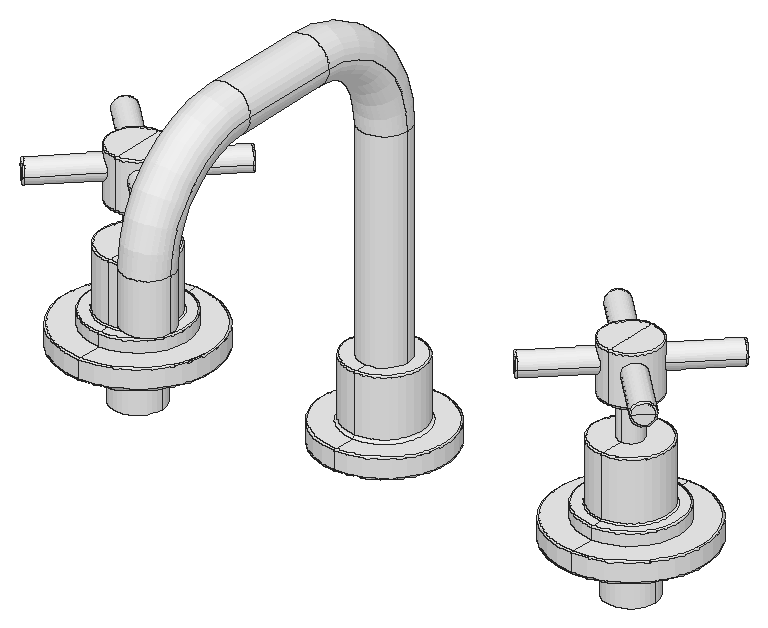
Revit family "Tap-Basin Set-Caroma Metro", category Plumbing Fixtures, host Face, Revit 2014
Parameters (values of type "Standard")
  Width_ANZRS = 159 mm  # constant formula
  Waste Connection = no
  WELSRating_ANZRS = "WELS 5 Star rated, 6L/min"  # constant formula
  Vent Connection = no
  URL = "http://specify.caroma.com.au/products/taps/metro/metro-basin-set"
  Type Comments = "Caroma Metro Basin Set"  # constant formula
  ModifiedIssue_ANZRS = 20141212.01  # constant formula
  Model = "97400C5A"  # constant formula
  Material_ANZRS = Metal-Chrome-Caroma
  Manufacturer = "GWA Bathrooms & Kitchens"  # constant formula
  Length_ANZRS = 260 mm  # constant formula
  Height_ANZRS = 166 mm  # constant formula
  HWFU = 1.58  # constant formula
  HW Connection = yes
  Description = "Designed to save precious water, the Metro range will add contemporary style to your bathroom, kitchen or laundry."  # constant formula
  Default Elevation = 0 mm
  CreatedBy_ANZRS = "Design Content"  # constant formula
  CreatedByURL_ANZRS = "http://www.designcontent.com.au"
  Cost = 0
  Connector Radius = 10 mm
  CWFU = 1.58  # constant formula
  CW Connection = yes
  Assembly Code = "C1030210"
Reference planes
  plane 1 "Center (Front/Back)": y = 0
  plane 2: z = 0
  plane 3 "Center (Left/Right)": x = 0
  plane 4 "Hot": x = -100
  plane 5 "Cold": x = 100
Forms (mm)
  Extrusion 1, solid, material "Metal-Chrome-Caroma" <- "Material_ANZRS"
    sketch origin (-50, 0, 0) x (1, 0, 0) y (0, 1, 0)
      loop
        circle (-50, 0) r 10
    from -20 to 0
  Extrusion 2, solid, material "Metal-Chrome-Caroma" <- "Material_ANZRS"
    sketch origin (50, 0, 0) x (-1, 0, 0) y (0, -1, 0)
      loop
        circle (-50, 0) r 10
    from -20 to 0
  Sweep 3, solid, material "Metal-Chrome-Caroma" <- "Material_ANZRS"
    path origin (0, 0, 0) x (0, 1, 0) y (0, 0, 1)
      loop
        line (0, 0) -> (0, 116)
        arc (0, 116) -> (-11.716, 144.284) -> (-40, 156) r 40
        line (-40, 156) -> (-79.886, 156)
        arc (-79.886, 156) -> (-108.17, 144.284) -> (-119.886, 116) r 40
        line (-119.886, 116) -> (-119.886, 95.405)
    profile origin (0, 0, 58) x (0, -1, 0) y (1, 0, 0)
      loop
        circle (0, 0) r 9.5
  Revolve 4, solid, material "Metal-Chrome-Caroma" <- "Material_ANZRS"
    sketch origin (0, 0, 0) x (0, 1, 0) y (0, 0, 1)
      loop
        line (0, 0) -> (24.495, 0)
        arc (24.495, 0) -> (24.848, 0.146) -> (24.995, 0.5) r 0.5
        line (24.995, 0.5) -> (24.995, 7.5)
        arc (24.995, 7.5) -> (24.848, 7.854) -> (24.495, 8) r 0.5
        line (24.495, 8) -> (16.009, 8)
        arc (16.009, 8) -> (15.302, 8.293) -> (15.009, 9) r 1
        line (15.009, 9) -> (15.009, 31.5)
        arc (15.009, 31.5) -> (14.863, 31.854) -> (14.509, 32) r 0.5
        line (14.509, 32) -> (0, 32) -> (0, 0)
      axis (0, 32) -> (0, 0)
    angle from 0 to 360
  Revolve 5, solid, material "Metal-Chrome-Caroma" <- "Material_ANZRS"
    sketch origin (100, 30, 1219.2) x (0, 1, 0) y (0, 0, 1)
      loop
        line (-30, -1219.2) -> (-0.762, -1219.2)
        arc (-0.762, -1219.2) -> (-0.409, -1219.054) -> (-0.262, -1218.7) r 0.5
        line (-0.262, -1218.7) -> (-0.262, -1211.7)
        arc (-0.262, -1211.7) -> (-0.409, -1211.346) -> (-0.762, -1211.2) r 0.5
        line (-0.762, -1211.2) -> (-10.279, -1211.2) -> (-10.279, -1206.7)
        arc (-10.279, -1206.7) -> (-10.426, -1206.346) -> (-10.779, -1206.2) r 0.5
        line (-10.779, -1206.2) -> (-14.769, -1206.2)
        arc (-14.769, -1206.2) -> (-15.123, -1206.054) -> (-15.269, -1205.7) r 0.5
        line (-15.269, -1205.7) -> (-15.269, -1182.7)
        arc (-15.269, -1182.7) -> (-15.416, -1182.346) -> (-15.769, -1182.2) r 0.5
        line (-15.769, -1182.2) -> (-25.277, -1182.2) -> (-25.277, -1166.21) -> (-19.252, -1166.21)
        arc (-19.252, -1166.21) -> (-18.898, -1166.064) -> (-18.752, -1165.71) r 0.5
        line (-18.752, -1165.71) -> (-18.752, -1146.71)
        arc (-18.752, -1146.71) -> (-18.898, -1146.357) -> (-19.252, -1146.21) r 0.5
        line (-19.252, -1146.21) -> (-30, -1146.21) -> (-30, -1219.2)
      axis (-30, -1146.21) -> (-30, -1219.2)
    angle from 0 to 360
  Revolve 6, solid, material "Metal-Chrome-Caroma" <- "Material_ANZRS"
    sketch origin (-100, -22.904, 1219.2) x (0, 1, 0) y (0, 0, 1)
      loop
        line (22.904, -1219.2) -> (52.141, -1219.2)
        arc (52.141, -1219.2) -> (52.495, -1219.054) -> (52.641, -1218.7) r 0.5
        line (52.641, -1218.7) -> (52.641, -1211.7)
        arc (52.641, -1211.7) -> (52.495, -1211.346) -> (52.141, -1211.2) r 0.5
        line (52.141, -1211.2) -> (42.624, -1211.2) -> (42.624, -1206.7)
        arc (42.624, -1206.7) -> (42.478, -1206.346) -> (42.124, -1206.2) r 0.5
        line (42.124, -1206.2) -> (38.134, -1206.2)
        arc (38.134, -1206.2) -> (37.781, -1206.054) -> (37.634, -1205.7) r 0.5
        line (37.634, -1205.7) -> (37.634, -1182.7)
        arc (37.634, -1182.7) -> (37.488, -1182.346) -> (37.134, -1182.2) r 0.5
        line (37.134, -1182.2) -> (27.626, -1182.2) -> (27.626, -1166.21) -> (33.652, -1166.21)
        arc (33.652, -1166.21) -> (34.006, -1166.064) -> (34.152, -1165.71) r 0.5
        line (34.152, -1165.71) -> (34.152, -1146.71)
        arc (34.152, -1146.71) -> (34.006, -1146.357) -> (33.652, -1146.21) r 0.5
        line (33.652, -1146.21) -> (22.904, -1146.21) -> (22.904, -1219.2)
      axis (22.904, -1146.21) -> (22.904, -1219.2)
    angle from 0 to 360
  Revolve 7, solid, material "Metal-Chrome-Caroma" <- "Material_ANZRS"
    sketch origin (0, 0, 65.49) x (1, 0, 0) y (0, 1, 0)
      loop
        line (-128.973, -23.353) -> (-126.163, -26.163) -> (-73.837, 26.163) -> (-76.647, 28.973)
        arc (-76.647, 28.973) -> (-77.001, 29.12) -> (-77.354, 28.973) r 0.5
        line (-77.354, 28.973) -> (-128.973, -22.646)
        arc (-128.973, -22.646) -> (-129.12, -22.999) -> (-128.973, -23.353) r 0.5
      axis (-126.163, -26.163) -> (-73.837, 26.163)
    angle from 0 to 360
  Revolve 8, solid, material "Metal-Chrome-Caroma" <- "Material_ANZRS"
    sketch origin (-100, -100, 65.49) x (0, -1, 0) y (1, 0, 0)
      loop
        line (-128.973, -23.353) -> (-126.163, -26.163) -> (-73.837, 26.163) -> (-76.647, 28.973)
        arc (-76.647, 28.973) -> (-77.001, 29.12) -> (-77.354, 28.973) r 0.5
        line (-77.354, 28.973) -> (-128.973, -22.646)
        arc (-128.973, -22.646) -> (-129.12, -22.999) -> (-128.973, -23.353) r 0.5
      axis (-126.163, -26.163) -> (-73.837, 26.163)
    angle from 0 to 360
  Revolve 9, solid, material "Metal-Chrome-Caroma" <- "Material_ANZRS"
    sketch origin (0, 0, 65.49) x (-1, 0, 0) y (0, -1, 0)
      loop
        arc (-128.973, 23.353) -> (-129.12, 22.999) -> (-128.973, 22.646) r 0.5
        line (-128.973, 22.646) -> (-77.354, -28.973)
        arc (-77.354, -28.973) -> (-77.001, -29.12) -> (-76.647, -28.973) r 0.5
        line (-76.647, -28.973) -> (-73.837, -26.163) -> (-126.163, 26.163) -> (-128.973, 23.353)
      axis (-126.163, 26.163) -> (-73.837, -26.163)
    angle from 0 to 360
  Revolve 10, solid, material "Metal-Chrome-Caroma" <- "Material_ANZRS"
    sketch origin (100, -100, 65.49) x (0, -1, 0) y (1, 0, 0)
      loop
        arc (-128.973, 23.353) -> (-129.12, 22.999) -> (-128.973, 22.646) r 0.5
        line (-128.973, 22.646) -> (-77.354, -28.973)
        arc (-77.354, -28.973) -> (-77.001, -29.12) -> (-76.647, -28.973) r 0.5
        line (-76.647, -28.973) -> (-73.837, -26.163) -> (-126.163, 26.163) -> (-128.973, 23.353)
      axis (-126.163, 26.163) -> (-73.837, -26.163)
    angle from 0 to 360
Cuts and joins
  joined: Sweep 3, Revolve 4
  joined: Revolve 6, Revolve 7, Revolve 8
  joined: Revolve 5, Revolve 9, Revolve 10
Lines and regions (mm)
  Masking region 1
    outline origin (0, 0, 0) x (1, 0, 0) y (0, 0, 1)
      loop
        line (9.5, 32) -> (9.5, 155.99)
        arc (9.5, 155.99) -> (0, 165.49) -> (-9.5, 155.99) r 9.5
        line (-9.5, 155.99) -> (-9.5, 32) -> (-14.509, 32)
        arc (-14.509, 32) -> (-14.863, 31.854) -> (-15.009, 31.5) r 0.5
        line (-15.009, 31.5) -> (-15.009, 9)
        arc (-15.009, 9) -> (-15.302, 8.293) -> (-16.009, 8) r 1
        line (-16.009, 8) -> (-24.495, 8)
        arc (-24.495, 8) -> (-24.848, 7.854) -> (-24.995, 7.5) r 0.5
        line (-24.995, 7.5) -> (-24.995, 0.5)
        arc (-24.995, 0.5) -> (-24.848, 0.146) -> (-24.495, 0) r 0.5
        line (-24.495, 0) -> (0, 0) -> (24.495, 0)
        arc (24.495, 0) -> (24.848, 0.146) -> (24.995, 0.5) r 0.5
        line (24.995, 0.5) -> (24.995, 7.5)
        arc (24.995, 7.5) -> (24.848, 7.854) -> (24.495, 8) r 0.5
        line (24.495, 8) -> (16.009, 8)
        arc (16.009, 8) -> (15.302, 8.293) -> (15.009, 9) r 1
        line (15.009, 9) -> (15.009, 31.5)
        arc (15.009, 31.5) -> (14.863, 31.854) -> (14.509, 32) r 0.5
        line (14.509, 32) -> (9.5, 32)
      loop
        line (-100, 0) -> (-70.762, 0)
        arc (-70.762, 0) -> (-70.409, 0.146) -> (-70.262, 0.5) r 0.5
        line (-70.262, 0.5) -> (-70.262, 7.5)
        arc (-70.262, 7.5) -> (-70.409, 7.854) -> (-70.762, 8) r 0.5
        line (-70.762, 8) -> (-80.279, 8) -> (-80.279, 12.5)
        arc (-80.279, 12.5) -> (-80.426, 12.854) -> (-80.779, 13) r 0.5
        line (-80.779, 13) -> (-84.769, 13)
        arc (-84.769, 13) -> (-85.123, 13.146) -> (-85.269, 13.5) r 0.5
        line (-85.269, 13.5) -> (-85.269, 36.5)
        arc (-85.269, 36.5) -> (-85.416, 36.854) -> (-85.769, 37) r 0.5
        line (-85.769, 37) -> (-95.277, 37) -> (-95.277, 52.99) -> (-89.252, 52.99)
        arc (-89.252, 52.99) -> (-88.898, 53.136) -> (-88.752, 53.49) r 0.5
        line (-88.752, 53.49) -> (-88.752, 61.016) -> (-74.192, 61.016)
        spline (-74.192, 61.016) -> (-73.331, 61.168) -> (-72.529, 61.615) -> (-71.841, 62.326) -> (-71.312, 63.253) -> (-70.98, 64.333) -> (-70.867, 65.491) -> (-70.98, 66.649) -> (-71.312, 67.728) -> (-71.841, 68.655) -> (-72.529, 69.367) -> (-73.331, 69.814) -> (-74.192, 69.966)
        line (-74.192, 69.966) -> (-88.752, 69.966) -> (-88.752, 72.49)
        arc (-88.752, 72.49) -> (-88.898, 72.843) -> (-89.252, 72.99) r 0.5
        line (-89.252, 72.99) -> (-100, 72.99) -> (-110.748, 72.99)
        arc (-110.748, 72.99) -> (-111.102, 72.843) -> (-111.248, 72.49) r 0.5
        line (-111.248, 72.49) -> (-111.248, 69.966) -> (-125.808, 69.966)
        spline (-125.808, 69.966) -> (-126.669, 69.814) -> (-127.471, 69.367) -> (-128.159, 68.655) -> (-128.688, 67.728) -> (-129.02, 66.649) -> (-129.133, 65.491) -> (-129.02, 64.333) -> (-128.688, 63.253) -> (-128.159, 62.326) -> (-127.471, 61.615) -> (-126.669, 61.168) -> (-125.808, 61.016)
        line (-125.808, 61.016) -> (-111.248, 61.016) -> (-111.248, 53.49)
        arc (-111.248, 53.49) -> (-111.102, 53.136) -> (-110.748, 52.99) r 0.5
        line (-110.748, 52.99) -> (-104.723, 52.99) -> (-104.723, 37) -> (-114.231, 37)
        arc (-114.231, 37) -> (-114.584, 36.854) -> (-114.731, 36.5) r 0.5
        line (-114.731, 36.5) -> (-114.731, 13.5)
        arc (-114.731, 13.5) -> (-114.877, 13.146) -> (-115.231, 13) r 0.5
        line (-115.231, 13) -> (-119.221, 13)
        arc (-119.221, 13) -> (-119.574, 12.854) -> (-119.721, 12.5) r 0.5
        line (-119.721, 12.5) -> (-119.721, 8) -> (-129.238, 8)
        arc (-129.238, 8) -> (-129.591, 7.854) -> (-129.738, 7.5) r 0.5
        line (-129.738, 7.5) -> (-129.738, 0.5)
        arc (-129.738, 0.5) -> (-129.591, 0.146) -> (-129.238, 0) r 0.5
        line (-129.238, 0) -> (-100, 0)
      loop
        line (100, 0) -> (129.238, 0)
        arc (129.238, 0) -> (129.591, 0.146) -> (129.738, 0.5) r 0.5
        line (129.738, 0.5) -> (129.738, 7.5)
        arc (129.738, 7.5) -> (129.591, 7.854) -> (129.238, 8) r 0.5
        line (129.238, 8) -> (119.721, 8) -> (119.721, 12.5)
        arc (119.721, 12.5) -> (119.574, 12.854) -> (119.221, 13) r 0.5
        line (119.221, 13) -> (115.231, 13)
        arc (115.231, 13) -> (114.877, 13.146) -> (114.731, 13.5) r 0.5
        line (114.731, 13.5) -> (114.731, 36.5)
        arc (114.731, 36.5) -> (114.584, 36.854) -> (114.231, 37) r 0.5
        line (114.231, 37) -> (104.723, 37) -> (104.723, 52.99) -> (110.748, 52.99)
        arc (110.748, 52.99) -> (111.102, 53.136) -> (111.248, 53.49) r 0.5
        line (111.248, 53.49) -> (111.248, 61.016) -> (125.808, 61.016)
        spline (125.808, 61.016) -> (126.669, 61.168) -> (127.471, 61.615) -> (128.159, 62.326) -> (128.688, 63.253) -> (129.02, 64.333) -> (129.133, 65.491) -> (129.02, 66.649) -> (128.688, 67.728) -> (128.159, 68.655) -> (127.471, 69.367) -> (126.669, 69.814) -> (125.808, 69.966)
        line (125.808, 69.966) -> (111.248, 69.966) -> (111.248, 72.49)
        arc (111.248, 72.49) -> (111.102, 72.843) -> (110.748, 72.99) r 0.5
        line (110.748, 72.99) -> (100, 72.99) -> (89.252, 72.99)
        arc (89.252, 72.99) -> (88.898, 72.843) -> (88.752, 72.49) r 0.5
        line (88.752, 72.49) -> (88.752, 69.966) -> (74.192, 69.966)
        spline (74.192, 69.966) -> (73.331, 69.814) -> (72.529, 69.367) -> (71.841, 68.655) -> (71.312, 67.728) -> (70.98, 66.649) -> (70.867, 65.491) -> (70.98, 64.333) -> (71.312, 63.253) -> (71.841, 62.326) -> (72.529, 61.615) -> (73.331, 61.168) -> (74.192, 61.016)
        line (74.192, 61.016) -> (88.752, 61.016) -> (88.752, 53.49)
        arc (88.752, 53.49) -> (88.898, 53.136) -> (89.252, 52.99) r 0.5
        line (89.252, 52.99) -> (95.277, 52.99) -> (95.277, 37) -> (85.769, 37)
        arc (85.769, 37) -> (85.416, 36.854) -> (85.269, 36.5) r 0.5
        line (85.269, 36.5) -> (85.269, 13.5)
        arc (85.269, 13.5) -> (85.123, 13.146) -> (84.769, 13) r 0.5
        line (84.769, 13) -> (80.779, 13)
        arc (80.779, 13) -> (80.426, 12.854) -> (80.279, 12.5) r 0.5
        line (80.279, 12.5) -> (80.279, 8) -> (70.762, 8)
        arc (70.762, 8) -> (70.409, 7.854) -> (70.262, 7.5) r 0.5
        line (70.262, 7.5) -> (70.262, 0.5)
        arc (70.262, 0.5) -> (70.409, 0.146) -> (70.762, 0) r 0.5
        line (70.762, 0) -> (100, 0)
  Masking region 2
    outline origin (0, 0, 0) x (1, 0, 0) y (0, 1, 0)
      loop
        line (-9.5, -23.125) -> (-9.5, -119.886)
        arc (-9.5, -119.886) -> (0, -129.386) -> (9.5, -119.886) r 9.5
        line (9.5, -119.886) -> (9.5, -23.125)
        arc (9.5, -23.125) -> (0, 25) -> (-9.5, -23.125) r 25
      loop
        arc (-123.968, 17.641) -> (-129.76, 0) -> (-123.968, -17.641) r 29.76
        line (-123.968, -17.641) -> (-128.973, -22.646)
        arc (-128.973, -22.646) -> (-129.12, -22.999) -> (-128.973, -23.353) r 0.5
        line (-128.973, -23.353) -> (-126.163, -26.163) -> (-123.353, -28.973)
        arc (-123.353, -28.973) -> (-122.999, -29.12) -> (-122.646, -28.973) r 0.5
        line (-122.646, -28.973) -> (-117.641, -23.968)
        arc (-117.641, -23.968) -> (-100, -29.76) -> (-82.359, -23.968) r 29.76
        line (-82.359, -23.968) -> (-77.357, -28.97)
        arc (-77.357, -28.97) -> (-77.003, -29.12) -> (-76.647, -28.973) r 0.5
        line (-76.647, -28.973) -> (-73.837, -26.163) -> (-71.027, -23.353)
        arc (-71.027, -23.353) -> (-70.88, -22.999) -> (-71.027, -22.646) r 0.5
        line (-71.027, -22.646) -> (-76.032, -17.641)
        arc (-76.032, -17.641) -> (-70.24, 0) -> (-76.032, 17.641) r 29.76
        line (-76.032, 17.641) -> (-71.027, 22.646)
        arc (-71.027, 22.646) -> (-70.88, 22.999) -> (-71.027, 23.353) r 0.5
        line (-71.027, 23.353) -> (-73.837, 26.163) -> (-76.647, 28.973)
        arc (-76.647, 28.973) -> (-76.999, 29.12) -> (-77.351, 28.976) r 0.5
        line (-77.351, 28.976) -> (-82.359, 23.968)
        arc (-82.359, 23.968) -> (-100, 29.76) -> (-117.641, 23.968) r 29.76
        line (-117.641, 23.968) -> (-122.646, 28.973)
        arc (-122.646, 28.973) -> (-122.999, 29.12) -> (-123.353, 28.973) r 0.5
        line (-123.353, 28.973) -> (-126.163, 26.163) -> (-128.973, 23.353)
        arc (-128.973, 23.353) -> (-129.12, 22.999) -> (-128.973, 22.646) r 0.5
        line (-128.973, 22.646) -> (-123.968, 17.641)
      loop
        line (123.968, 17.641) -> (128.973, 22.646)
        arc (128.973, 22.646) -> (129.12, 22.999) -> (128.973, 23.353) r 0.5
        line (128.973, 23.353) -> (126.163, 26.163) -> (123.353, 28.973)
        arc (123.353, 28.973) -> (122.999, 29.12) -> (122.646, 28.973) r 0.5
        line (122.646, 28.973) -> (117.641, 23.968)
        arc (117.641, 23.968) -> (100, 29.76) -> (82.359, 23.968) r 29.76
        line (82.359, 23.968) -> (77.351, 28.976)
        arc (77.351, 28.976) -> (76.999, 29.12) -> (76.647, 28.973) r 0.5
        line (76.647, 28.973) -> (73.837, 26.163) -> (71.027, 23.353)
        arc (71.027, 23.353) -> (70.88, 22.999) -> (71.027, 22.646) r 0.5
        line (71.027, 22.646) -> (76.032, 17.641)
        arc (76.032, 17.641) -> (70.24, 0) -> (76.032, -17.641) r 29.76
        line (76.032, -17.641) -> (71.027, -22.646)
        arc (71.027, -22.646) -> (70.88, -22.999) -> (71.027, -23.353) r 0.5
        line (71.027, -23.353) -> (73.837, -26.163) -> (76.647, -28.973)
        arc (76.647, -28.973) -> (77.003, -29.12) -> (77.357, -28.97) r 0.5
        line (77.357, -28.97) -> (82.359, -23.968)
        arc (82.359, -23.968) -> (100, -29.76) -> (117.641, -23.968) r 29.76
        line (117.641, -23.968) -> (122.646, -28.973)
        arc (122.646, -28.973) -> (122.999, -29.12) -> (123.353, -28.973) r 0.5
        line (123.353, -28.973) -> (126.163, -26.163) -> (128.973, -23.353)
        arc (128.973, -23.353) -> (129.12, -22.999) -> (128.973, -22.646) r 0.5
        line (128.973, -22.646) -> (123.968, -17.641)
        arc (123.968, -17.641) -> (129.76, 0) -> (123.968, 17.641) r 29.76
  Masking region 3
    outline origin (100, 30, 1219.2) x (0, 1, 0) y (0, 0, 1)
      loop
        line (-30, -1219.2) -> (-5.505, -1219.2)
        arc (-5.505, -1219.2) -> (-5.152, -1219.054) -> (-5.005, -1218.7) r 0.5
        line (-5.005, -1218.7) -> (-5.005, -1211.7)
        arc (-5.005, -1211.7) -> (-5.152, -1211.346) -> (-5.505, -1211.2) r 0.5
        line (-5.505, -1211.2) -> (-13.991, -1211.2)
        arc (-13.991, -1211.2) -> (-14.698, -1210.907) -> (-14.991, -1210.2) r 1
        line (-14.991, -1210.2) -> (-14.991, -1187.7)
        arc (-14.991, -1187.7) -> (-15.137, -1187.346) -> (-15.491, -1187.2) r 0.5
        line (-15.491, -1187.2) -> (-30, -1187.2) -> (-44.509, -1187.2)
        arc (-44.509, -1187.2) -> (-44.863, -1187.346) -> (-45.009, -1187.7) r 0.5
        line (-45.009, -1187.7) -> (-45.009, -1210.2)
        arc (-45.009, -1210.2) -> (-45.302, -1210.907) -> (-46.009, -1211.2) r 1
        line (-46.009, -1211.2) -> (-54.495, -1211.2)
        arc (-54.495, -1211.2) -> (-54.848, -1211.346) -> (-54.995, -1211.7) r 0.5
        line (-54.995, -1211.7) -> (-54.995, -1218.7)
        arc (-54.995, -1218.7) -> (-54.848, -1219.054) -> (-54.495, -1219.2) r 0.5
        line (-54.495, -1219.2) -> (-30, -1219.2)
  Masking region 4
    outline origin (100, 30, 1219.2) x (0, 1, 0) y (0, 0, 1)
      loop
        line (-20.5, -1146.21) -> (-20.5, -1103.2)
        arc (-20.5, -1103.2) -> (-34.998, -1068.198) -> (-70, -1053.7) r 49.5
        line (-70, -1053.7) -> (-109.886, -1053.7)
        arc (-109.886, -1053.7) -> (-144.888, -1068.198) -> (-159.386, -1103.2) r 49.5
        line (-159.386, -1103.2) -> (-159.386, -1123.795) -> (-140.386, -1123.795) -> (-140.386, -1103.2)
        arc (-140.386, -1103.2) -> (-131.453, -1081.633) -> (-109.886, -1072.7) r 30.5
        line (-109.886, -1072.7) -> (-70, -1072.7)
        arc (-70, -1072.7) -> (-48.433, -1081.633) -> (-39.5, -1103.2) r 30.5
        line (-39.5, -1103.2) -> (-39.5, -1146.21) -> (-40.748, -1146.21)
        arc (-40.748, -1146.21) -> (-41.102, -1146.357) -> (-41.248, -1146.71) r 0.5
        line (-41.248, -1146.71) -> (-41.248, -1149.234) -> (-55.808, -1149.234)
        spline (-55.808, -1149.234) -> (-56.669, -1149.386) -> (-57.471, -1149.833) -> (-58.159, -1150.545) -> (-58.688, -1151.472) -> (-59.02, -1152.551) -> (-59.133, -1153.709) -> (-59.02, -1154.867) -> (-58.688, -1155.947) -> (-58.159, -1156.874) -> (-57.471, -1157.585) -> (-56.669, -1158.032) -> (-55.808, -1158.184)
        line (-55.808, -1158.184) -> (-41.248, -1158.184) -> (-41.248, -1165.71)
        arc (-41.248, -1165.71) -> (-41.102, -1166.064) -> (-40.748, -1166.21) r 0.5
        line (-40.748, -1166.21) -> (-39.5, -1166.21) -> (-39.5, -1182.2) -> (-44.231, -1182.2)
        arc (-44.231, -1182.2) -> (-44.584, -1182.346) -> (-44.731, -1182.7) r 0.5
        line (-44.731, -1182.7) -> (-44.731, -1205.7)
        arc (-44.731, -1205.7) -> (-44.877, -1206.054) -> (-45.231, -1206.2) r 0.5
        line (-45.231, -1206.2) -> (-49.221, -1206.2)
        arc (-49.221, -1206.2) -> (-49.574, -1206.346) -> (-49.721, -1206.7) r 0.5
        line (-49.721, -1206.7) -> (-49.721, -1211.2) -> (-59.238, -1211.2)
        arc (-59.238, -1211.2) -> (-59.591, -1211.346) -> (-59.738, -1211.7) r 0.5
        line (-59.738, -1211.7) -> (-59.738, -1218.7)
        arc (-59.738, -1218.7) -> (-59.591, -1219.054) -> (-59.238, -1219.2) r 0.5
        line (-59.238, -1219.2) -> (-0.762, -1219.2)
        arc (-0.762, -1219.2) -> (-0.409, -1219.054) -> (-0.262, -1218.7) r 0.5
        line (-0.262, -1218.7) -> (-0.262, -1211.7)
        arc (-0.262, -1211.7) -> (-0.409, -1211.346) -> (-0.762, -1211.2) r 0.5
        line (-0.762, -1211.2) -> (-10.279, -1211.2) -> (-10.279, -1206.7)
        arc (-10.279, -1206.7) -> (-10.426, -1206.346) -> (-10.779, -1206.2) r 0.5
        line (-10.779, -1206.2) -> (-14.769, -1206.2)
        arc (-14.769, -1206.2) -> (-15.123, -1206.054) -> (-15.269, -1205.7) r 0.5
        line (-15.269, -1205.7) -> (-15.269, -1182.7)
        arc (-15.269, -1182.7) -> (-15.416, -1182.346) -> (-15.769, -1182.2) r 0.5
        line (-15.769, -1182.2) -> (-20.5, -1182.2) -> (-20.5, -1166.21) -> (-19.252, -1166.21)
        arc (-19.252, -1166.21) -> (-18.898, -1166.064) -> (-18.752, -1165.71) r 0.5
        line (-18.752, -1165.71) -> (-18.752, -1158.184) -> (-4.192, -1158.184)
        spline (-4.192, -1158.184) -> (-3.331, -1158.032) -> (-2.529, -1157.585) -> (-1.841, -1156.874) -> (-1.312, -1155.947) -> (-0.98, -1154.867) -> (-0.867, -1153.709) -> (-0.98, -1152.551) -> (-1.312, -1151.472) -> (-1.841, -1150.545) -> (-2.529, -1149.833) -> (-3.331, -1149.386) -> (-4.192, -1149.234)
        line (-4.192, -1149.234) -> (-18.752, -1149.234) -> (-18.752, -1146.71)
        arc (-18.752, -1146.71) -> (-18.898, -1146.357) -> (-19.252, -1146.21) r 0.5
        line (-19.252, -1146.21) -> (-20.5, -1146.21)
  symbolic lines, style "Taps/Mixers"
    curve 1: line (100, -110.386, 116) -> (100, -129.386, 116)
    curve 2: line (-9.5, 0, 95.405) -> (9.5, 0, 95.405)
    curve 3: arc (-9.5, 0, 0) -> (0, 9.5, 0) -> (9.5, 0, 0) r 9.5
    curve 4: line (9.5, 0, 0) -> (9.5, -119.886, 0)
    curve 5: line (-9.5, 0, 0) -> (-9.5, -119.886, 0)
    curve 6: circle (-100, 0, 0) r 11.248 normal (0, 0, 1)
    curve 7: line (-117.641, 23.968, 0) -> (-104.134, 10.461, 0)
    curve 8: line (-123.968, 17.641, 0) -> (-110.461, 4.134, 0)
    curve 9: line (-82.359, 23.968, 0) -> (-95.866, 10.461, 0)
    curve 10: line (-76.032, 17.641, 0) -> (-89.539, 4.134, 0)
    curve 11: line (-117.641, -23.968, 0) -> (-104.134, -10.461, 0)
    curve 12: line (-123.968, -17.641, 0) -> (-110.461, -4.134, 0)
    curve 13: line (-82.359, -23.968, 0) -> (-95.866, -10.461, 0)
    curve 14: line (-76.032, -17.641, 0) -> (-89.539, -4.134, 0)
    curve 15: arc (-113.092, 6.764, 0) -> (-114.736, 0, 0) -> (-113.092, -6.764, 0) r 14.736
    curve 16: arc (-116.745, 10.417, 0) -> (-119.721, 0, 0) -> (-116.745, -10.417, 0) r 19.721
    curve 17: arc (-106.764, -13.092, 0) -> (-100, -14.736, 0) -> (-93.236, -13.092, 0) r 14.736
    curve 18: arc (-110.417, -16.745, 0) -> (-100, -19.721, 0) -> (-89.583, -16.745, 0) r 19.721
    curve 19: arc (-83.255, -10.417, 0) -> (-80.279, 0, 0) -> (-83.255, 10.417, 0) r 19.721
    curve 20: arc (-86.908, -6.764, 0) -> (-85.264, 0, 0) -> (-86.908, 6.764, 0) r 14.736
    curve 21: arc (-93.236, 13.092, 0) -> (-100, 14.736, 0) -> (-106.764, 13.092, 0) r 14.736
    curve 22: arc (-89.583, 16.745, 0) -> (-100, 19.721, 0) -> (-110.417, 16.745, 0) r 19.721
    curve 23: circle (100, 0, 0) r 11.248 normal (0, 0, -1)
    curve 24: line (117.641, 23.968, 0) -> (104.134, 10.461, 0)
    curve 25: line (123.968, 17.641, 0) -> (110.461, 4.134, 0)
    curve 26: line (82.359, 23.968, 0) -> (95.866, 10.461, 0)
    curve 27: line (76.032, 17.641, 0) -> (89.539, 4.134, 0)
    curve 28: line (117.641, -23.968, 0) -> (104.134, -10.461, 0)
    curve 29: line (123.968, -17.641, 0) -> (110.461, -4.134, 0)
    curve 30: line (82.359, -23.968, 0) -> (95.866, -10.461, 0)
    curve 31: line (76.032, -17.641, 0) -> (89.539, -4.134, 0)
    curve 32: arc (113.092, 6.764, 0) -> (114.736, 0, 0) -> (113.092, -6.764, 0) r 14.736
    curve 33: arc (116.745, 10.417, 0) -> (119.721, 0, 0) -> (116.745, -10.417, 0) r 19.721
    curve 34: arc (106.764, -13.092, 0) -> (100, -14.736, 0) -> (93.236, -13.092, 0) r 14.736
    curve 35: arc (110.417, -16.745, 0) -> (100, -19.721, 0) -> (89.583, -16.745, 0) r 19.721
    curve 36: arc (83.255, -10.417, 0) -> (80.279, 0, 0) -> (83.255, 10.417, 0) r 19.721
    curve 37: arc (86.908, -6.764, 0) -> (85.264, 0, 0) -> (86.908, 6.764, 0) r 14.736
    curve 38: arc (93.236, 13.092, 0) -> (100, 14.736, 0) -> (106.764, 13.092, 0) r 14.736
    curve 39: arc (89.583, 16.745, 0) -> (100, 19.721, 0) -> (110.417, 16.745, 0) r 19.721
    curve 40: arc (9.5, -11.608, 0) -> (0, 15, 0) -> (-9.5, -11.608, 0) r 15
    curve 41: line (100, 4.723, 37) -> (100, 4.723, 52.99)
    curve 42: line (100, 4.723, 52.99) -> (100, 10.748, 52.99)
    curve 43: line (100, -4.723, 52.99) -> (100, -4.723, 37)
    curve 44: line (100, -10.748, 52.99) -> (100, -4.723, 52.99)
    curve 45: arc (100, 15.231, 13) -> (100, 14.877, 13.146) -> (100, 14.731, 13.5) r 0.5
    curve 46: arc (100, -14.731, 13.5) -> (100, -14.877, 13.146) -> (100, -15.231, 13) r 0.5
    curve 47: line (100, 10.748, 72.99) -> (100, 0, 72.99)
    curve 48: line (100, 0, 72.99) -> (100, -10.748, 72.99)
    curve 49: line (100, 19.721, 8) -> (100, -19.721, 8)
    curve 50: line (100, -15.231, 13) -> (100, 15.231, 13)
    curve 51: line (100, 9.5, 37) -> (100, -9.5, 37)
    curve 52: line (100, 4.723, 52.99) -> (100, -4.723, 52.99)
    curve 53: line (100, 11.248, 69.966) -> (100, 7.927, 69.966)
    curve 54: line (100, 11.248, 61.016) -> (100, 7.927, 61.016)
    curve 55: spline (100, 7.927, 69.966) -> (100, 6.962, 69.814) -> (100, 6.063, 69.367) -> (100, 5.29, 68.655) -> (100, 4.698, 67.728) -> (100, 4.325, 66.649) -> (100, 4.198, 65.491) -> (100, 4.325, 64.333) -> (100, 4.698, 63.253) -> (100, 5.29, 62.326) -> (100, 6.063, 61.615) -> (100, 6.962, 61.168) -> (100, 7.927, 61.016)
    curve 56: line (100, -11.248, 69.966) -> (100, -7.927, 69.966)
    curve 57: line (100, -11.248, 61.016) -> (100, -7.927, 61.016)
    curve 58: spline (100, -7.927, 69.966) -> (100, -6.962, 69.814) -> (100, -6.063, 69.367) -> (100, -5.29, 68.655) -> (100, -4.698, 67.728) -> (100, -4.325, 66.649) -> (100, -4.198, 65.491) -> (100, -4.325, 64.333) -> (100, -4.698, 63.253) -> (100, -5.29, 62.326) -> (100, -6.063, 61.615) -> (100, -6.962, 61.168) -> (100, -7.927, 61.016)
    curve 59: line (-9.5, 0, 32) -> (9.5, 0, 32)
    curve 60: line (-16.009, 0, 8) -> (16.009, 0, 8)
    curve 61: line (-119.721, 0, 8) -> (-80.279, 0, 8)
    curve 62: line (-115.231, 0, 13) -> (-84.769, 0, 13)
    curve 63: line (-104.723, 0, 37) -> (-95.277, 0, 37)
    curve 64: line (-104.723, 0, 52.99) -> (-95.277, 0, 52.99)
    curve 65: line (-111.248, 0, 69.966) -> (-107.919, 0, 69.966)
    curve 66: line (-111.248, 0, 61.016) -> (-107.919, 0, 61.016)
    curve 67: spline (-107.919, 0, 69.966) -> (-106.956, 0, 69.814) -> (-106.059, 0, 69.367) -> (-105.288, 0, 68.655) -> (-104.697, 0, 67.728) -> (-104.325, 0, 66.649) -> (-104.198, 0, 65.491) -> (-104.325, 0, 64.333) -> (-104.697, 0, 63.253) -> (-105.288, 0, 62.326) -> (-106.059, 0, 61.615) -> (-106.956, 0, 61.168) -> (-107.919, 0, 61.016)
    curve 68: line (-88.752, 0, 69.966) -> (-92.081, 0, 69.966)
    curve 69: line (-88.752, 0, 61.016) -> (-92.081, 0, 61.016)
    curve 70: spline (-92.081, 0, 69.966) -> (-93.044, 0, 69.814) -> (-93.941, 0, 69.367) -> (-94.712, 0, 68.655) -> (-95.303, 0, 67.728) -> (-95.675, 0, 66.649) -> (-95.802, 0, 65.491) -> (-95.675, 0, 64.333) -> (-95.303, 0, 63.253) -> (-94.712, 0, 62.326) -> (-93.941, 0, 61.615) -> (-93.044, 0, 61.168) -> (-92.081, 0, 61.016)
    curve 71: line (119.721, 0, 8) -> (80.279, 0, 8)
    curve 72: line (115.231, 0, 13) -> (84.769, 0, 13)
    curve 73: line (104.723, 0, 37) -> (95.277, 0, 37)
    curve 74: line (104.723, 0, 52.99) -> (95.277, 0, 52.99)
    curve 75: line (111.248, 0, 69.966) -> (107.919, 0, 69.966)
    curve 76: line (111.248, 0, 61.016) -> (107.919, 0, 61.016)
    curve 77: spline (107.919, 0, 69.966) -> (106.956, 0, 69.814) -> (106.059, 0, 69.367) -> (105.288, 0, 68.655) -> (104.697, 0, 67.728) -> (104.325, 0, 66.649) -> (104.198, 0, 65.491) -> (104.325, 0, 64.333) -> (104.697, 0, 63.253) -> (105.288, 0, 62.326) -> (106.059, 0, 61.615) -> (106.956, 0, 61.168) -> (107.919, 0, 61.016)
    curve 78: line (88.752, 0, 69.966) -> (92.081, 0, 69.966)
    curve 79: line (88.752, 0, 61.016) -> (92.081, 0, 61.016)
    curve 80: spline (92.081, 0, 69.966) -> (93.044, 0, 69.814) -> (93.941, 0, 69.367) -> (94.712, 0, 68.655) -> (95.303, 0, 67.728) -> (95.675, 0, 66.649) -> (95.802, 0, 65.491) -> (95.675, 0, 64.333) -> (95.303, 0, 63.253) -> (94.712, 0, 62.326) -> (93.941, 0, 61.615) -> (93.044, 0, 61.168) -> (92.081, 0, 61.016)
Dimensions and locks
  aligned and locked: plane 2 to host face
  aligned and locked: level to host face
Connectors
  piping at (-100, 0, -20), diameter 20, driven by "Connector Radius", driven by "HWFU"
    settings: on Extrusion 1, index 1, connector inside diameter 0.7874", connector length 0 mm, flow factor 0, pipe flow 0 GPM, pressure drop 0.00 psi, fitting loss kfactor 0, connector angle 0.00°, fixture units 1.58, engagement length 0 mm, angle of deflection 0.00°, flow configuration 3, flow direction 1, fitting loss method 101, system type 19, joint type 0, gender type 0, connector reference index -1, connector utility 0, adjustable connector no, is connector primary yes, connector description "Hot"
  piping at (100, 0, -20), diameter 20, driven by "Connector Radius", driven by "CWFU"
    settings: on Extrusion 2, index 2, connector inside diameter 0.7874", connector length 0 mm, flow factor 0, pipe flow 0 GPM, pressure drop 0.00 psi, fitting loss kfactor 0, connector angle 0.00°, fixture units 1.58, engagement length 0 mm, angle of deflection 0.00°, flow configuration 3, flow direction 1, fitting loss method 101, system type 20, joint type 0, gender type 0, connector reference index -1, connector utility 0, adjustable connector no, is connector primary no, connector description "Cold Water Inlet"
